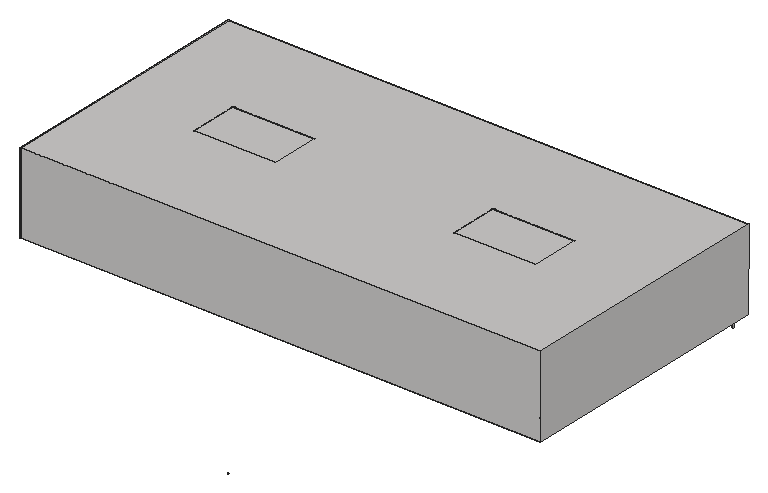
Revit family "QF_ELECTROLUXPROFESSIONAL_640283_VAP1632", category Specialty Equipment, Revit 2014
Reference planes
  plane 1: z = 0
  plane 2 "Center (Left/Right)": x = 150
  plane 3 "LEFT": x = -1450
  plane 4 "RIGHT": x = 1750
  plane 5 "BACK": y = 550
  plane 6 "TOP": z = 2500
  plane 7 "Base": z = 2000
  plane 8: z = 1970
  plane 9 "DrainY": y = 450
  plane 10: x = -1447
  plane 11 "DrainX": x = 1737
  plane 12 "AOLeft2": x = -400
  plane 13 "AORight1": x = 700
  plane 14: x = 1747
  plane 15: x = -1250
  plane 16: x = 1550
  plane 17: x = 50
  plane 18: x = 250
  plane 19 "Center (Front/Back)": y = -250
  plane 20 "Front": y = -1050
  plane 21 "AOLeft1": x = -900
  plane 22 "AORight2": x = 1200
  plane 23: through (0, 550, 2133.855) normal (0, 0.5299, 0.848)
  plane 24: through (0, -1050, 2133.855) normal (0, 0.5299, -0.848)
  plane 25: y = -100
  plane 26: y = -400
Forms (mm)
  Extrusion 1, solid, material "QF_Finishes_Stainless Steel"
    sketch origin (-1450, 0, 360) x (0, 1, 0) y (0, 0, 1)
      loop
        line (550, 1640) -> (550, 2140) -> (-1050, 2140) -> (-1050, 1640) -> (550, 1640)
    from 0 to 3
  Extrusion 2, solid, material "QF_Finishes_Stainless Steel"
    sketch origin (1750, 0, 360) x (0, 1, 0) y (0, 0, 1)
      loop
        line (550, 1640) -> (550, 2140) -> (-1050, 2140) -> (-1050, 1640) -> (550, 1640)
    from 0 to -3
  Extrusion 3, solid, material "QF_Finishes_Stainless Steel"
    sketch origin (150, 0, 360) x (0, 1, 0) y (0, 0, 1)
      loop
        line (-1050, 2140) -> (-1050, 1640) -> (-1040, 1640) -> (-1040, 1640.8) -> (-1049.2, 1640.8) -> (-1049.2, 2139.19) -> (549.2, 2139.19) -> (549.2, 1640.8) -> (540, 1640.8) -> (540, 1640) -> (550, 1640) -> (550, 2140) -> (-1050, 2140)
    from -1600 to 1600
  Extrusion 4, solid, material "QF_Finishes_Stainless Steel"
    sketch origin (0, 0, 2000) x (0, 1, 0) y (-1, 0, 0)
      loop
        circle (450, -1737) r 4.763
    from -30 to 0
  Extrusion 5, void
    sketch origin (0, 400, 2500) x (0, 1, 0) y (-1, 0, 0)
      loop
        line (-500, 400) -> (-500, 900) -> (-800, 900) -> (-800, 400) -> (-500, 400)
    from 0 to -10
  Extrusion 6, solid, material "QF_Finishes_Stainless Steel"
    sketch origin (0, 0, 0) x (1, 0, 0) y (0, 1, 0)
      loop
        line (-1450, 550) -> (-1450, 549) -> (-1449, 549) -> (-1449, 550) -> (-1450, 550)
    from 0 to 1
  Extrusion 7, solid, material "QF_Finishes_Stainless Steel"
    sketch origin (150, 0, 360) x (0, 1, 0) y (0, 0, 1)
      loop
        line (503.5, 1837.574) -> (207.375, 2022.621) -> (192.198, 1998.364) -> (488.366, 1813.348) -> (503.5, 1837.574)
      loop
        line (-1003.5, 1837.574) -> (-988.366, 1813.348) -> (-692.198, 1998.364) -> (-707.375, 2022.621) -> (-1003.5, 1837.574)
    from -1400 to -1597
  Extrusion 8, solid, material "QF_Finishes_Stainless Steel"
    sketch origin (150, 0, 360) x (0, 1, 0) y (0, 0, 1)
      loop
        line (549.2, 1775.312) -> (472.742, 1823.075) -> (472.313, 1822.387) -> (549.2, 1774.355) -> (549.2, 1775.312)
      loop
        line (202.48, 1991.938) -> (126.212, 2039.602) -> (-626.212, 2039.602) -> (-702.48, 1991.938) -> (-702.062, 1991.27) -> (-626, 2038.801) -> (126, 2038.801) -> (202.063, 1991.27) -> (202.48, 1991.938)
      loop
        line (-1049.2, 1775.312) -> (-1049.2, 1774.355) -> (-972.312, 1822.387) -> (-972.742, 1823.075) -> (-1049.2, 1775.312)
    from -1597 to 1597
  Extrusion 9, solid, material "QF_Finishes_Stainless Steel"
    sketch origin (150, 0, 360) x (0, 1, 0) y (0, 0, 1)
      loop
        line (-707.375, 2022.621) -> (-1003.5, 1837.574) -> (-988.366, 1813.348) -> (-692.198, 1998.364) -> (-707.375, 2022.621)
      loop
        line (503.5, 1837.574) -> (207.375, 2022.621) -> (192.198, 1998.364) -> (488.366, 1813.348) -> (503.5, 1837.574)
    from 1597 to 1400
  Extrusion 10, solid, material "QF_Finishes_Stainless Steel"
    sketch origin (150, 0, 360) x (0, 1, 0) y (0, 0, 1)
      loop
        line (-707.375, 2022.621) -> (-1003.5, 1837.574) -> (-988.366, 1813.348) -> (-692.198, 1998.364) -> (-707.375, 2022.621)
      loop
        line (503.5, 1837.574) -> (207.375, 2022.621) -> (192.198, 1998.364) -> (488.366, 1813.348) -> (503.5, 1837.574)
    from -100 to 100
  Extrusion 11, solid, material "QF_Finished_Chrome"
    sketch origin (150, 0, 360) x (0, 1, 0) y (0, 0, 1)
      loop
        line (503.5, 1837.574) -> (207.375, 2022.621) -> (192.198, 1998.364) -> (488.366, 1813.348) -> (503.5, 1837.574)
      loop
        line (-707.375, 2022.621) -> (-1003.5, 1837.574) -> (-988.366, 1813.348) -> (-692.198, 1998.364) -> (-707.375, 2022.621)
    from -1400 to -100
  Extrusion 12, solid, material "QF_Finished_Chrome"
    sketch origin (150, 0, 360) x (0, 1, 0) y (0, 0, 1)
      loop
        line (-707.375, 2022.621) -> (-1003.5, 1837.574) -> (-988.366, 1813.348) -> (-692.198, 1998.364) -> (-707.375, 2022.621)
      loop
        line (503.5, 1837.574) -> (207.375, 2022.621) -> (192.198, 1998.364) -> (488.366, 1813.348) -> (503.5, 1837.574)
    from 100 to 1400
  Sweep 13, solid, material "QF_Finishes_Stainless Steel"
    path origin (0, 0, 0) x (1, 0, 0) y (0, 1, 0)
      loop
        line (1750, 550) -> (-1450, 550) -> (-1450, -1050) -> (1750, -1050) -> (1750, 550)
    profile origin (1750, -250, 0) x (1, 0, 0) y (0, 0, 1)
      loop
        line (-3, 2000) -> (-3, 2000.8) -> (-19, 2000.8) -> (-19, 2010) -> (-20, 2010) -> (-20, 2000) -> (-3, 2000)
  Extrusion 14, void
    sketch origin (0, 400, 2500) x (0, 1, 0) y (-1, 0, 0)
      loop
        line (-500, -1200) -> (-500, -700) -> (-800, -700) -> (-800, -1200) -> (-500, -1200)
    from 0 to -10
Cuts and joins
  Extrusion 5, Extrusion 14 cuts Extrusion 3
  joined: Extrusion 2, Extrusion 3, Sweep 13
Lines and regions (mm)
  symbolic lines, style "SpecialityEquipment", detail levels coarse
    curve 1: line (1750, 550, 2500) -> (-1450, 550, 2500)
    curve 2: line (-1450, 550, 2500) -> (-1450, -1050.8, 2500)
    curve 3: line (1750, -1050.8, 2500) -> (1750, 550, 2500)
    curve 4: line (-1450, 550, 0) -> (1750, -1050, 0)
    curve 5: line (1750, 550, 0) -> (-1450, -1050, 0)
  symbolic lines, detail levels coarse
    curve 6: line (-1450, -1050, 0) -> (1750, -1050, 0)
    curve 7: line (-400, -100, 0) -> (-900, -100, 0)
    curve 8: line (-400, -400, 0) -> (-400, -100, 0)
    curve 9: line (-900, -400, 0) -> (-400, -400, 0)
    curve 10: line (-900, -100, 0) -> (-900, -400, 0)
    curve 11: line (1200, -100, 0) -> (700, -100, 0)
    curve 12: line (1200, -400, 0) -> (1200, -100, 0)
    curve 13: line (700, -400, 0) -> (1200, -400, 0)
    curve 14: line (700, -100, 0) -> (700, -400, 0)
Dimensions and locks
  plane 3 "LEFT" to plane 4 "RIGHT" = 3200 mm
  equal spacing: plane 3 "LEFT", plane 2 "Center (Left/Right)", plane 4 "RIGHT"
  plane 7 "Base" to plane 8 = 30 mm
  plane 5 "BACK" to plane 9 "DrainY" = 100 mm  (x2)
  plane 3 "LEFT" to plane 10 = 3 mm
  plane 11 "DrainX" to plane 4 "RIGHT" = 13 mm
  plane 14 to plane 4 "RIGHT" = 3 mm
  plane 3 "LEFT" to plane 15 = 200 mm
  plane 16 to plane 4 "RIGHT" = 200 mm
  locked: plane 12 "AOLeft2" to plane 13 "AORight1" at 1100
  equal spacing: plane 12 "AOLeft2", plane 2 "Center (Left/Right)", plane 13 "AORight1"
  locked: plane 7 "Base" to level at 2000
  locked: plane 6 "TOP" to plane 7 "Base" at 500
  locked: plane 17 to plane 18 at 200
  equal spacing: plane 17, plane 2 "Center (Left/Right)", plane 18
  plane 5 "BACK" to plane 20 "Front" = 1600 mm  (x2)
  equal spacing: plane 5 "BACK", plane 19 "Center (Front/Back)", plane 20 "Front"
  plane 21 "AOLeft1" to plane 12 "AOLeft2" = 500 mm
  plane 13 "AORight1" to plane 22 "AORight2" = 500 mm
  locked: plane 25 to plane 26 at 300
  equal spacing: plane 25, plane 19 "Center (Front/Back)", plane 26
  aligned and locked: level to plane 1
  aligned and locked: plane 4 "RIGHT" to Extrusion 3
  aligned and locked: Extrusion 3 to plane 3 "LEFT"
  aligned and locked: Extrusion 7 to plane 10
  aligned and locked: Extrusion 7 to plane 15
  aligned and locked: Extrusion 2 to plane 14
  aligned and locked: plane 14 to Extrusion 9
  aligned and locked: plane 16 to Extrusion 9
  aligned and locked: Extrusion 10 to plane 18
  aligned and locked: Extrusion 10 to plane 17
  aligned and locked: Extrusion 11 to plane 17
  aligned and locked: Extrusion 11 to plane 15
  aligned and locked: Extrusion 12 to plane 18
  aligned and locked: Extrusion 12 to plane 16
  aligned and locked: Extrusion 8 to plane 10
  aligned and locked: Extrusion 8 to plane 14
  aligned and locked: Extrusion 1 to plane 20 "Front"
  aligned and locked: Extrusion 5 to plane 21 "AOLeft1"
  aligned and locked: Extrusion 5 to plane 12 "AOLeft2"
  aligned and locked: plane 13 "AORight1" to Extrusion 14
  aligned and locked: plane 22 "AORight2" to Extrusion 14
  aligned and locked: plane 25 to curve 7
  aligned and locked: curve 9 to plane 26
  aligned and locked: plane 25 to curve 11
  aligned and locked: curve 13 to plane 26
  aligned and locked: plane 25 to Extrusion 5 sketch curve
  aligned and locked: Extrusion 5 sketch curve to plane 26
  aligned and locked: plane 25 to Extrusion 14 sketch curve
Automatic sketch dimensions
  curve 6 to plane 3 "LEFT" = 0 mm
  curve 4 to plane 3 "LEFT" = 0 mm
  curve 5 to plane 4 "RIGHT" = 0 mm
  curve 6 to plane 4 "RIGHT" = 0 mm
  curve 4 to plane 20 "Front" = 0 mm
  curve 5 to plane 5 "BACK" = 0 mm
  curve 4 to plane 5 "BACK" = 0 mm
  curve 2 to plane 3 "LEFT" = 0 mm
  curve 3 to plane 4 "RIGHT" = 0 mm
  curve 2 to plane 5 "BACK" = 0 mm
  curve 3 to plane 20 "Front" = 0.8 mm
  curve 2 to plane 20 "Front" = 0.8 mm
  Extrusion 1 sketch curve to plane 7 "Base" = 0 mm
  Extrusion 1 sketch curve to plane 20 "Front" = 0 mm
  Extrusion 1 sketch curve to plane 5 "BACK" = 0 mm
  Extrusion 1 sketch curve to plane 6 "TOP" = 0 mm
  Extrusion 2 sketch curve to plane 7 "Base" = 0 mm
  Extrusion 2 sketch curve to plane 20 "Front" = 0 mm
  Extrusion 2 sketch curve to plane 5 "BACK" = 0 mm
  Extrusion 2 sketch curve to plane 6 "TOP" = 0 mm
  Extrusion 3 sketch curve to plane 6 "TOP" = 0 mm
  Extrusion 3 sketch curve to plane 20 "Front" = 0 mm
  Extrusion 3 sketch curve to plane 7 "Base" = 0 mm  (x2)
  Extrusion 3 sketch curve to plane 5 "BACK" = 0 mm
  plane 20 "Front" to Extrusion 3 sketch curve = 0.8 mm
  Extrusion 3 sketch curve to Extrusion 3 sketch curve = 9.2 mm
  plane 7 "Base" to Extrusion 3 sketch curve = 0.8 mm  (x2)
  Extrusion 3 sketch curve to plane 5 "BACK" = 10 mm
  Extrusion 3 sketch curve to plane 5 "BACK" = 0.8 mm
  Extrusion 3 sketch curve to plane 6 "TOP" = 0.81 mm
  Extrusion 4 sketch curve to plane 9 "DrainY" = 0 mm
  Extrusion 4 sketch curve to plane 11 "DrainX" = 0 mm
  Extrusion 5 sketch curve to plane 12 "AOLeft2" = 0 mm
  Extrusion 5 sketch curve to plane 21 "AOLeft1" = 0 mm
  Extrusion 6 sketch curve to plane 3 "LEFT" = 0 mm
  Extrusion 6 sketch curve to plane 5 "BACK" = 0 mm
  plane 3 "LEFT" to Extrusion 6 sketch curve = 1 mm
  Extrusion 6 sketch curve to Extrusion 6 sketch curve = 1 mm
  Sweep 13 sketch curve to plane 3 "LEFT" = 0 mm
  Sweep 13 sketch curve to plane 4 "RIGHT" = 0 mm
  Sweep 13 sketch curve to plane 20 "Front" = 0 mm
  Sweep 13 sketch curve to plane 5 "BACK" = 0 mm
  profile plane to Sweep 13 sketch curve = 20 mm
  Sweep 13 sketch curve to Sweep 13 sketch curve = 1 mm
  profile plane to Sweep 13 sketch curve = 3 mm
  level to Sweep 13 sketch curve = 2000 mm
  Sweep 13 sketch curve to Sweep 13 sketch curve = 0.8 mm
  Sweep 13 sketch curve to Sweep 13 sketch curve = 9.2 mm
  Extrusion 14 sketch curve to plane 12 "AOLeft2" = 1600 mm
  plane 21 "AOLeft1" to Extrusion 14 sketch curve = 1600 mm
  curve 8 to plane 12 "AOLeft2" = 0 mm
  curve 9 to plane 21 "AOLeft1" = 0 mm
  curve 11 to plane 13 "AORight1" = 0 mm
  curve 12 to plane 22 "AORight2" = 0 mm
  plane 20 "Front" to Extrusion 8 sketch curve = 0.8 mm
  Extrusion 8 sketch curve to Extrusion 8 sketch curve = 0.43 mm  (x2)
  Extrusion 8 sketch curve to Extrusion 8 sketch curve = 0.418 mm  (x2)
  Extrusion 8 sketch curve to plane 9 "DrainY" = 324 mm
  Extrusion 8 sketch curve to plane 6 "TOP" = 100.398 mm
  Extrusion 8 sketch curve to Extrusion 8 sketch curve = 0.212 mm  (x2)
  Extrusion 8 sketch curve to Extrusion 8 sketch curve = 76.063 mm
  Extrusion 8 sketch curve to plane 6 "TOP" = 148.062 mm
  plane 9 "DrainY" to Extrusion 8 sketch curve = 22.313 mm
  Extrusion 8 sketch curve to plane 5 "BACK" = 0.8 mm
  plane 7 "Base" to Extrusion 8 sketch curve = 134.355 mm  (x2)
  Extrusion 8 sketch curve to Extrusion 8 sketch curve = 0.957 mm  (x2)
  Extrusion 8 sketch curve to Extrusion 8 sketch curve = 0.669 mm
  Extrusion 8 sketch curve to Extrusion 8 sketch curve = 76.268 mm
  Extrusion 8 sketch curve to Extrusion 8 sketch curve = 0.801 mm
  Extrusion 7 sketch curve to plane 9 "DrainY" = 257.802 mm
  Extrusion 7 sketch curve to plane 6 "TOP" = 117.379 mm
  Extrusion 7 sketch curve to Extrusion 7 sketch curve = 15.177 mm  (x2)
  plane 9 "DrainY" to Extrusion 7 sketch curve = 38.366 mm
  Extrusion 7 sketch curve to Extrusion 7 sketch curve = 15.134 mm
  plane 7 "Base" to Extrusion 7 sketch curve = 173.348 mm  (x2)
  Extrusion 7 sketch curve to Extrusion 7 sketch curve = 24.226 mm  (x2)
  Extrusion 7 sketch curve to Extrusion 7 sketch curve = 24.257 mm
  Extrusion 11 sketch curve to plane 5 "BACK" = 46.5 mm
  plane 7 "Base" to Extrusion 11 sketch curve = 197.574 mm
  Extrusion 11 sketch curve to Extrusion 11 sketch curve = 15.134 mm  (x2)
  Extrusion 11 sketch curve to plane 6 "TOP" = 117.379 mm
  Extrusion 11 sketch curve to Extrusion 11 sketch curve = 24.226 mm  (x2)
  Extrusion 11 sketch curve to Extrusion 11 sketch curve = 15.177 mm  (x2)
  Extrusion 11 sketch curve to Extrusion 11 sketch curve = 24.257 mm  (x2)
  Extrusion 11 sketch curve to plane 6 "TOP" = 141.636 mm
  Extrusion 10 sketch curve to plane 6 "TOP" = 117.379 mm  (x2)
  Extrusion 10 sketch curve to Extrusion 10 sketch curve = 24.257 mm  (x2)
  Extrusion 10 sketch curve to Extrusion 10 sketch curve = 24.226 mm  (x2)
  Extrusion 10 sketch curve to Extrusion 10 sketch curve = 15.177 mm  (x2)
  plane 9 "DrainY" to Extrusion 10 sketch curve = 38.366 mm
  Extrusion 10 sketch curve to Extrusion 10 sketch curve = 15.134 mm  (x2)
  plane 7 "Base" to Extrusion 10 sketch curve = 173.348 mm
  Extrusion 12 sketch curve to plane 6 "TOP" = 117.379 mm
  Extrusion 12 sketch curve to Extrusion 12 sketch curve = 15.177 mm  (x2)
  Extrusion 12 sketch curve to Extrusion 12 sketch curve = 24.257 mm  (x2)
  Extrusion 12 sketch curve to plane 6 "TOP" = 141.636 mm
  plane 7 "Base" to Extrusion 12 sketch curve = 197.574 mm  (x2)
  Extrusion 12 sketch curve to plane 9 "DrainY" = 257.802 mm
  plane 9 "DrainY" to Extrusion 12 sketch curve = 38.366 mm
  Extrusion 12 sketch curve to Extrusion 12 sketch curve = 15.134 mm  (x2)
  Extrusion 9 sketch curve to plane 6 "TOP" = 117.379 mm  (x2)
  Extrusion 9 sketch curve to Extrusion 9 sketch curve = 24.257 mm  (x2)
  Extrusion 9 sketch curve to Extrusion 9 sketch curve = 24.226 mm  (x2)
  Extrusion 9 sketch curve to plane 5 "BACK" = 46.5 mm
  plane 7 "Base" to Extrusion 9 sketch curve = 197.574 mm
  Extrusion 9 sketch curve to Extrusion 9 sketch curve = 15.134 mm  (x2)
  Extrusion 9 sketch curve to Extrusion 9 sketch curve = 15.177 mm  (x2)
  Extrusion 7 sketch curve to plane 6 "TOP" = 141.636 mm
  plane 20 "Front" to Extrusion 7 sketch curve = 357.802 mm
  plane 20 "Front" to Extrusion 7 sketch curve = 61.634 mm
  plane 20 "Front" to Extrusion 8 sketch curve = 77.258 mm
  Extrusion 8 sketch curve to Extrusion 8 sketch curve = 270.262 mm
  plane 20 "Front" to Extrusion 9 sketch curve = 357.802 mm
  plane 20 "Front" to Extrusion 9 sketch curve = 61.634 mm
  plane 20 "Front" to Extrusion 10 sketch curve = 357.802 mm
  plane 20 "Front" to Extrusion 10 sketch curve = 61.634 mm
  plane 20 "Front" to Extrusion 11 sketch curve = 357.802 mm
  plane 20 "Front" to Extrusion 11 sketch curve = 61.634 mm
  plane 20 "Front" to Extrusion 12 sketch curve = 357.802 mm
  plane 20 "Front" to Extrusion 12 sketch curve = 61.634 mm
  Extrusion 14 sketch curve to Extrusion 14 sketch curve = 300 mm
  radius of Extrusion 4 sketch curve = 4.763 mm
Connectors
  piping at (1737, 450, 1970), diameter 9.5
    settings: on Extrusion 4, index 1, connector inside diameter 609.6 mm, connector length 0 mm, flow factor 0, pipe flow 0.0 L/s, pressure drop 0.0 Pa, fitting loss kfactor 0, connector angle 0.00°, fixture units 0, engagement length 0 mm, angle of deflection 0.00°, flow configuration 1, flow direction 2, fitting loss method 0, system type 16, joint type 0, gender type 0, connector reference index -1, connector utility 0, adjustable connector no, is connector primary yes, connector description "Drain"
  hvac at (-650, -250, 2500)
    settings: on Extrusion 5, index 2, duct flow 0.0 L/s, flow factor 0, pres drop 0.0 Pa, loss coef 0, conn angle 0.00°, conn width 300 mm, conn height 500 mm, conn diameter 609.6 mm, duct sys type 3, conn prof type 1, flow config 1, flow direction 2, loss method 0, conn ref index -1, conn util no, is conn primary yes, conn desc "EXHAUST OUTLET"
  hvac at (950, -250, 2500)
    settings: on Extrusion 14, index 3, duct flow 0.0 L/s, flow factor 0, pres drop 0.0 Pa, loss coef 0, conn angle 0.00°, conn width 300 mm, conn height 500 mm, conn diameter 609.6 mm, duct sys type 3, conn prof type 1, flow config 1, flow direction 2, loss method 0, conn ref index -1, conn util no, is conn primary no, conn desc "EXHAUST OUTLET"
